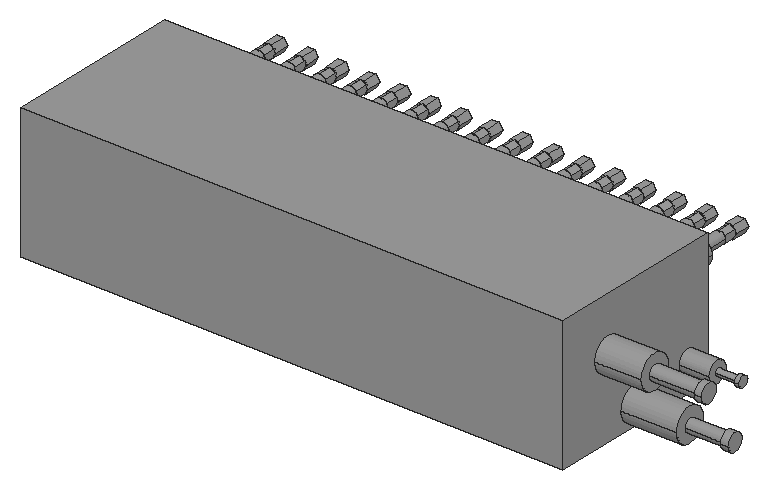
Revit family "BC_Hitachi_CH-BOX-CH-AP16MSSX_LOD200", category Equipement de génie climatique, Revit 2015
Parameters (values of type "CH-AP16MSSX")
  Refrigerant Liquid Pipe connections Diameter = 9.52 mm
  Refrigerant Gas Pipe connections Diameter = 15.88 mm
  Refrigerant Gas Low Pressure Diameter = 25.60 mm
  Refrigerant Liquid Diameter = 12.90 mm
  Rated Frequency (Hz) = "50"
  Product Code = "60292163"
  Overall Width = 1060.00 mm
  Overall Height = 260.00 mm
  Overall Depth = 352.00 mm
  Nominal Voltage = 230 V
  Modèle = "Multi CH-Box"
  Material Pipe = Par défaut
  Material Connector = Par défaut
  Material Box = Par défaut
  Mass = 47.00 kg
  Gas Diameter = 28.58 mm
  Fabricant = "Hitachi"
  Description = "Multi CH-Box 16 branches"
  Commentaires du type = "CH-AP16MSSX"
  CALC_Refrigerant Gas Right = 89.00 mm
  CALC_Refrigerant Gas Low Pressure Diameter = Refrigerant Gas Low Pressure Diameter + 15.00 mm / 2  # 33.10 mm
  CALC_Refrigerant Gas L Left = 250.00 mm
  CALC_Refrigerant Gas High_Low Pressure Diameter = Gas Diameter + 15.00 mm / 2  # 36.08 mm
  CALC_Refrigerant Gas HL Left = 200.00 mm
  CALC_Refrigerant Gas Diameter = Refrigerant Liquid Diameter + 15.00 mm / 2  # 20.40 mm
  CALC_BOX Width = 303.00 mm
Reference planes
  plane 1 "Centre (avant/arrière)": y = 0
  plane 2: z = 0
  plane 3 "Centre (gauche/droite)": x = 0
  plane 4: z = 260
  plane 5 "Back": y = 176
  plane 6 "Front": y = -176
  plane 7 "Left": x = -1060
  plane 8: z = 155
  plane 9: z = 60
  plane 10: y = 375
  plane 11: y = 262
  plane 12: x = 110
  plane 13: x = 198
  plane 14: y = -4
  plane 15: z = 42
  plane 16: z = 156
  plane 17: y = -68
  plane 18: z = 60
  plane 19: y = 126
  plane 20: x = 61.245
  plane 21: x = 175.543
Forms (mm)
  Extrusion 1, solid, material "Par défaut" <- "Material Box"
    sketch origin (0, 0, 0) x (1, 0, 0) y (0, 1, 0)
      loop
        line (0, 176) -> (-1060, 176) -> (-1060, -176) -> (0, -176) -> (0, 176)
    from 0 to 260
  Extrusion 2, solid, material "Par défaut" <- "Material Pipe"
    sketch origin (0, 0, 75) x (0, 1, 0) y (0, 0, 1)
      loop
        circle (-4, -33) r 32.5
    from 0 to 110
  Extrusion 3, solid, material "Par défaut" <- "Material Pipe"
    sketch origin (0, 46.823, 0) x (0, 1, 0) y (0, 0, 1)
      loop
        circle (-114.823, 156) r 32.5
    from 0 to 92.169
  Extrusion 4, solid, material "Par défaut" <- "Material Pipe"
    sketch origin (0, 146.283, 43.123) x (0, 1, 0) y (0, 0, 1)
      loop
        circle (-20.283, 16.877) r 20
    from 0 to 59.808
  Extrusion 5, solid, material "Par défaut" <- "Material Connector"
    sketch origin (151.5, 0, 0) x (0, -1, 0) y (0, 0, 1)
      loop
        circle (68, 156) r 14.29
    from -33.5 to 59.331
  Extrusion 6, solid, material "Par défaut" <- "Material Connector"
    sketch origin (151.5, 0, 0) x (0, -1, 0) y (0, 0, 1)
      loop
        circle (68, 156) r 18.04
    from -46.5 to -33.5
  Extrusion 7, solid, material "Par défaut" <- "Material Connector"
    sketch origin (151.5, 0, 0) x (0, -1, 0) y (0, 0, 1)
      loop
        circle (4, 42) r 12.8
    from -31.308 to 41.5
  Extrusion 8, solid, material "Par défaut" <- "Material Connector"
    sketch origin (151.5, 0, 0) x (0, -1, 0) y (0, 0, 1)
      loop
        circle (4, 42) r 16.55
    from -46.5 to -31.308
  Extrusion 9, solid, material "Par défaut" <- "Material Connector"
    sketch origin (151.5, 0, 0) x (0, -1, 0) y (0, 0, 1)
      loop
        circle (-126, 60) r 6.45
    from 49.363 to 91.692
  Extrusion 10, solid, material "Par défaut" <- "Material Connector"
    sketch origin (151.5, 0, 0) x (0, -1, 0) y (0, 0, 1)
      loop
        circle (-126, 60) r 10.2
    from 41.5 to 49.363
Dimensions and locks
  "Overall Height": plane 4 to plane 2
  "Overall Width": plane 3 "Centre (gauche/droite)" to plane 7 "Left"
  "Overall Width": plane 7 "Left" to plane 3 "Centre (gauche/droite)"
  "Overall Depth": plane 5 "Back" to plane 6 "Front"
  equal spacing: plane 5 "Back", plane 1 "Centre (avant/arrière)", plane 6 "Front"
  plane 10 to plane 5 "Back" = 199.00 mm
  plane 11 to plane 5 "Back" = 86.00 mm
  locked: plane 7 "Left" to nested 1 at 67
  locked: plane 3 "Centre (gauche/droite)" to plane 12 at 110
  locked: plane 3 "Centre (gauche/droite)" to plane 13 at 198
  plane 5 "Back" to plane 19 = 50.00 mm
  plane 17 to plane 5 "Back" = 244.00 mm
  plane 14 to plane 5 "Back" = 180.00 mm
  plane 19 to plane 5 "Back" = 50.00 mm
  plane 16 to plane 2 = 156.00 mm
  plane 15 to plane 2 = 42.00 mm
  plane 18 to level = 60.00 mm
  plane 2 to plane 9 = 60.00 mm
  plane 2 to plane 8 = 155.00 mm
  nested 1 to nested 2 to nested 3 to nested 4 = 60.00 mm locked, 60.00 mm locked, 60.00 mm locked
  nested 5 to nested 6 to nested 7 to nested 8 = 60.00 mm locked, 60.00 mm locked, 60.00 mm locked
  nested 9 to nested 10 to nested 11 to nested 12 = 60.00 mm locked, 60.00 mm locked, 60.00 mm locked
  nested 13 to nested 14 to nested 15 to nested 16 = 60.00 mm locked, 60.00 mm locked, 60.00 mm locked
  locked: nested 4 to nested 13 at 60
  locked: nested 4 to nested 9 at 60
  nested 17 to nested 18 to nested 19 to nested 20 = 60.00 mm locked, 60.00 mm locked, 60.00 mm locked
  nested 21 to nested 22 to nested 23 to nested 24 = 60.00 mm locked, 60.00 mm locked, 60.00 mm locked
  locked: nested 12 to nested 17 at 60
  locked: nested 16 to nested 21 at 60
  nested 25 to nested 26 to nested 27 to nested 28 = 60.00 mm locked, 60.00 mm locked, 60.00 mm locked
  nested 29 to nested 30 to nested 31 to nested 32 = 60.00 mm locked, 60.00 mm locked, 60.00 mm locked
  "Refrigerant Gas Low Pressure Diameter": diameter of Extrusion 7 sketch curve
  "CALC_Refrigerant Gas Low Pressure Diameter": diameter of Extrusion 8 sketch curve
  diameter of Extrusion 2 sketch curve = 65.00 mm
  "CALC_Refrigerant Gas High_Low Pressure Diameter": diameter of Extrusion 6 sketch curve
  "Gas Diameter": diameter of Extrusion 5 sketch curve
  diameter of Extrusion 3 sketch curve = 65.00 mm
  "CALC_Refrigerant Gas Diameter": diameter of Extrusion 10 sketch curve
  "Refrigerant Liquid Diameter": diameter of Extrusion 9 sketch curve
  aligned and locked: level to plane 2
  aligned and locked: plane 5 "Back" to Extrusion 1 sketch curve
  aligned and locked: plane 3 "Centre (gauche/droite)" to Extrusion 1 sketch curve
  aligned and locked: Extrusion 1 sketch curve to plane 6 "Front"
  aligned and locked: plane 7 "Left" to Extrusion 1 sketch curve
  aligned and locked: plane 4 to Extrusion 1
  aligned and locked: nested 5 to plane 9
  aligned and locked: nested 5 to nested 1
  aligned and locked: Extrusion 2 to plane 3 "Centre (gauche/droite)"
  aligned and locked: plane 15 to Extrusion 2 sketch curve
  aligned and locked: plane 14 to Extrusion 2 sketch curve
  aligned and locked: plane 16 to Extrusion 3 sketch curve
  aligned and locked: plane 17 to Extrusion 3 sketch curve
  aligned and locked: plane 19 to Extrusion 4 sketch curve
  aligned and locked: plane 18 to Extrusion 4 sketch curve
  aligned and locked: plane 5 "Back" to nested 1
  aligned and locked: plane 17 to Extrusion 5 sketch curve
  aligned and locked: plane 16 to Extrusion 5 sketch curve
  aligned and locked: plane 14 to Extrusion 8 sketch curve
  aligned and locked: plane 15 to Extrusion 8 sketch curve
  aligned and locked: plane 14 to Extrusion 7 sketch curve
  aligned and locked: plane 15 to Extrusion 7 sketch curve
  aligned and locked: plane 18 to Extrusion 9 sketch curve
  aligned and locked: plane 19 to Extrusion 9 sketch curve
  aligned and locked: plane 13 to Extrusion 8
  aligned and locked: plane 13 to Extrusion 6
  aligned and locked: nested 1 to plane 8
  aligned and locked: nested 2 to plane 8
  aligned and locked: nested 3 to plane 8
  aligned and locked: nested 4 to plane 8
  aligned and locked: nested 6 to plane 9
  aligned and locked: nested 7 to plane 9
  aligned and locked: nested 8 to plane 9
  aligned and locked: nested 13 to nested 9
  aligned and locked: nested 21 to nested 17
  aligned and locked: nested 29 to nested 25
Automatic sketch dimensions
  Extrusion 6 sketch curve to plane 16 = 0.00 mm
  Extrusion 6 sketch curve to plane 17 = 0.00 mm
  Extrusion 10 sketch curve to plane 9 = 0.00 mm
  Extrusion 10 sketch curve to plane 19 = 0.00 mm
  radius of Extrusion 4 sketch curve = 20.00 mm
Nested families
  nested 1: "PIPES" at (-993, 176, 155) x (0, 1, 0) z (0, 0, 1), type "PIPES"
    with CALC_Screw TOP 2 28.366 mm, CALC_Screw TOP 1 25.467 mm, CALC_Screw Diam TOP 2 12.00 mm, CALC_Screw Diam TOP 11.00 mm, CALC_Screw Diam 11.00 mm, CALC_PipeDiam2 24.00 mm, CALC_PipeDiam1 55.00 mm, CALC_Pipe L2 51.555 mm, CALC_Pipe L1 93.613 mm
  nested 2: "PIPES" at (-933, 176, 155) x (0, 1, 0) z (0, 0, 1), type "PIPES"
    with CALC_Screw TOP 2 28.366 mm, CALC_Screw TOP 1 25.467 mm, CALC_Screw Diam TOP 2 12.00 mm, CALC_Screw Diam TOP 11.00 mm, CALC_Screw Diam 11.00 mm, CALC_PipeDiam2 24.00 mm, CALC_PipeDiam1 55.00 mm, CALC_Pipe L2 51.555 mm, CALC_Pipe L1 93.613 mm
  nested 3: "PIPES" at (-873, 176, 155) x (0, 1, 0) z (0, 0, 1), type "PIPES"
    with CALC_Screw TOP 2 28.366 mm, CALC_Screw TOP 1 25.467 mm, CALC_Screw Diam TOP 2 12.00 mm, CALC_Screw Diam TOP 11.00 mm, CALC_Screw Diam 11.00 mm, CALC_PipeDiam2 24.00 mm, CALC_PipeDiam1 55.00 mm, CALC_Pipe L2 51.555 mm, CALC_Pipe L1 93.613 mm
  nested 4: "PIPES" at (-813, 176, 155) x (0, 1, 0) z (0, 0, 1), type "PIPES"
    with CALC_Screw TOP 2 28.366 mm, CALC_Screw TOP 1 25.467 mm, CALC_Screw Diam TOP 2 12.00 mm, CALC_Screw Diam TOP 11.00 mm, CALC_Screw Diam 11.00 mm, CALC_PipeDiam2 24.00 mm, CALC_PipeDiam1 55.00 mm, CALC_Pipe L2 51.555 mm, CALC_Pipe L1 93.613 mm
  nested 5: "PIPES" at (-993, 176, 60) x (0, 1, 0) z (0, 0, 1), type "PIPES"
    with CALC_Screw TOP 2 15.179 mm, CALC_Screw TOP 1 12.708 mm, CALC_Screw Diam TOP 2 8.50 mm, CALC_Screw Diam TOP 0.00 mm, CALC_Screw Diam 8.00 mm, CALC_PipeDiam2 16.50 mm, CALC_PipeDiam1 17.00 mm, CALC_Pipe L2 1.975 mm, CALC_Pipe L1 56.139 mm
  nested 6: "PIPES" at (-933, 176, 60) x (0, 1, 0) z (0, 0, 1), type "PIPES"
    with CALC_Screw TOP 2 15.179 mm, CALC_Screw TOP 1 12.708 mm, CALC_Screw Diam TOP 2 8.50 mm, CALC_Screw Diam TOP 0.00 mm, CALC_Screw Diam 8.00 mm, CALC_PipeDiam2 16.50 mm, CALC_PipeDiam1 17.00 mm, CALC_Pipe L2 1.975 mm, CALC_Pipe L1 56.139 mm
  nested 7: "PIPES" at (-873, 176, 60) x (0, 1, 0) z (0, 0, 1), type "PIPES"
    with CALC_Screw TOP 2 15.179 mm, CALC_Screw TOP 1 12.708 mm, CALC_Screw Diam TOP 2 8.50 mm, CALC_Screw Diam TOP 0.00 mm, CALC_Screw Diam 8.00 mm, CALC_PipeDiam2 16.50 mm, CALC_PipeDiam1 17.00 mm, CALC_Pipe L2 1.975 mm, CALC_Pipe L1 56.139 mm
  nested 8: "PIPES" at (-813, 176, 60) x (0, 1, 0) z (0, 0, 1), type "PIPES"
    with CALC_Screw TOP 2 15.179 mm, CALC_Screw TOP 1 12.708 mm, CALC_Screw Diam TOP 2 8.50 mm, CALC_Screw Diam TOP 0.00 mm, CALC_Screw Diam 8.00 mm, CALC_PipeDiam2 16.50 mm, CALC_PipeDiam1 17.00 mm, CALC_Pipe L2 1.975 mm, CALC_Pipe L1 56.139 mm
  nested 9: "PIPES" at (-753, 176, 155) x (0, 1, 0) z (0, 0, 1), type "PIPES"
    with CALC_Screw TOP 2 28.366 mm, CALC_Screw TOP 1 25.467 mm, CALC_Screw Diam TOP 2 12.00 mm, CALC_Screw Diam TOP 11.00 mm, CALC_Screw Diam 11.00 mm, CALC_PipeDiam2 24.00 mm, CALC_PipeDiam1 55.00 mm, CALC_Pipe L2 51.555 mm, CALC_Pipe L1 93.613 mm
  nested 10: "PIPES" at (-693, 176, 155) x (0, 1, 0) z (0, 0, 1), type "PIPES"
    with CALC_Screw TOP 2 28.366 mm, CALC_Screw TOP 1 25.467 mm, CALC_Screw Diam TOP 2 12.00 mm, CALC_Screw Diam TOP 11.00 mm, CALC_Screw Diam 11.00 mm, CALC_PipeDiam2 24.00 mm, CALC_PipeDiam1 55.00 mm, CALC_Pipe L2 51.555 mm, CALC_Pipe L1 93.613 mm
  nested 11: "PIPES" at (-633, 176, 155) x (0, 1, 0) z (0, 0, 1), type "PIPES"
    with CALC_Screw TOP 2 28.366 mm, CALC_Screw TOP 1 25.467 mm, CALC_Screw Diam TOP 2 12.00 mm, CALC_Screw Diam TOP 11.00 mm, CALC_Screw Diam 11.00 mm, CALC_PipeDiam2 24.00 mm, CALC_PipeDiam1 55.00 mm, CALC_Pipe L2 51.555 mm, CALC_Pipe L1 93.613 mm
  nested 12: "PIPES" at (-573, 176, 155) x (0, 1, 0) z (0, 0, 1), type "PIPES"
    with CALC_Screw TOP 2 28.366 mm, CALC_Screw TOP 1 25.467 mm, CALC_Screw Diam TOP 2 12.00 mm, CALC_Screw Diam TOP 11.00 mm, CALC_Screw Diam 11.00 mm, CALC_PipeDiam2 24.00 mm, CALC_PipeDiam1 55.00 mm, CALC_Pipe L2 51.555 mm, CALC_Pipe L1 93.613 mm
  nested 13: "PIPES" at (-753, 176, 60) x (0, 1, 0) z (0, 0, 1), type "PIPES"
    with CALC_Screw TOP 2 15.179 mm, CALC_Screw TOP 1 12.708 mm, CALC_Screw Diam TOP 2 8.50 mm, CALC_Screw Diam TOP 0.00 mm, CALC_Screw Diam 8.00 mm, CALC_PipeDiam2 16.50 mm, CALC_PipeDiam1 17.00 mm, CALC_Pipe L2 1.975 mm, CALC_Pipe L1 56.139 mm
  nested 14: "PIPES" at (-693, 176, 60) x (0, 1, 0) z (0, 0, 1), type "PIPES"
    with CALC_Screw TOP 2 15.179 mm, CALC_Screw TOP 1 12.708 mm, CALC_Screw Diam TOP 2 8.50 mm, CALC_Screw Diam TOP 0.00 mm, CALC_Screw Diam 8.00 mm, CALC_PipeDiam2 16.50 mm, CALC_PipeDiam1 17.00 mm, CALC_Pipe L2 1.975 mm, CALC_Pipe L1 56.139 mm
  nested 15: "PIPES" at (-633, 176, 60) x (0, 1, 0) z (0, 0, 1), type "PIPES"
    with CALC_Screw TOP 2 15.179 mm, CALC_Screw TOP 1 12.708 mm, CALC_Screw Diam TOP 2 8.50 mm, CALC_Screw Diam TOP 0.00 mm, CALC_Screw Diam 8.00 mm, CALC_PipeDiam2 16.50 mm, CALC_PipeDiam1 17.00 mm, CALC_Pipe L2 1.975 mm, CALC_Pipe L1 56.139 mm
  nested 16: "PIPES" at (-573, 176, 60) x (0, 1, 0) z (0, 0, 1), type "PIPES"
    with CALC_Screw TOP 2 15.179 mm, CALC_Screw TOP 1 12.708 mm, CALC_Screw Diam TOP 2 8.50 mm, CALC_Screw Diam TOP 0.00 mm, CALC_Screw Diam 8.00 mm, CALC_PipeDiam2 16.50 mm, CALC_PipeDiam1 17.00 mm, CALC_Pipe L2 1.975 mm, CALC_Pipe L1 56.139 mm
  nested 17: "PIPES" at (-513, 176, 155) x (0, 1, 0) z (0, 0, 1), type "PIPES"
    with CALC_Screw TOP 2 28.366 mm, CALC_Screw TOP 1 25.467 mm, CALC_Screw Diam TOP 2 12.00 mm, CALC_Screw Diam TOP 11.00 mm, CALC_Screw Diam 11.00 mm, CALC_PipeDiam2 24.00 mm, CALC_PipeDiam1 55.00 mm, CALC_Pipe L2 51.555 mm, CALC_Pipe L1 93.613 mm
  nested 18: "PIPES" at (-453, 176, 155) x (0, 1, 0) z (0, 0, 1), type "PIPES"
    with CALC_Screw TOP 2 28.366 mm, CALC_Screw TOP 1 25.467 mm, CALC_Screw Diam TOP 2 12.00 mm, CALC_Screw Diam TOP 11.00 mm, CALC_Screw Diam 11.00 mm, CALC_PipeDiam2 24.00 mm, CALC_PipeDiam1 55.00 mm, CALC_Pipe L2 51.555 mm, CALC_Pipe L1 93.613 mm
  nested 19: "PIPES" at (-393, 176, 155) x (0, 1, 0) z (0, 0, 1), type "PIPES"
    with CALC_Screw TOP 2 28.366 mm, CALC_Screw TOP 1 25.467 mm, CALC_Screw Diam TOP 2 12.00 mm, CALC_Screw Diam TOP 11.00 mm, CALC_Screw Diam 11.00 mm, CALC_PipeDiam2 24.00 mm, CALC_PipeDiam1 55.00 mm, CALC_Pipe L2 51.555 mm, CALC_Pipe L1 93.613 mm
  nested 20: "PIPES" at (-333, 176, 155) x (0, 1, 0) z (0, 0, 1), type "PIPES"
    with CALC_Screw TOP 2 28.366 mm, CALC_Screw TOP 1 25.467 mm, CALC_Screw Diam TOP 2 12.00 mm, CALC_Screw Diam TOP 11.00 mm, CALC_Screw Diam 11.00 mm, CALC_PipeDiam2 24.00 mm, CALC_PipeDiam1 55.00 mm, CALC_Pipe L2 51.555 mm, CALC_Pipe L1 93.613 mm
  nested 21: "PIPES" at (-513, 176, 60) x (0, 1, 0) z (0, 0, 1), type "PIPES"
    with CALC_Screw TOP 2 15.179 mm, CALC_Screw TOP 1 12.708 mm, CALC_Screw Diam TOP 2 8.50 mm, CALC_Screw Diam TOP 0.00 mm, CALC_Screw Diam 8.00 mm, CALC_PipeDiam2 16.50 mm, CALC_PipeDiam1 17.00 mm, CALC_Pipe L2 1.975 mm, CALC_Pipe L1 56.139 mm
  nested 22: "PIPES" at (-453, 176, 60) x (0, 1, 0) z (0, 0, 1), type "PIPES"
    with CALC_Screw TOP 2 15.179 mm, CALC_Screw TOP 1 12.708 mm, CALC_Screw Diam TOP 2 8.50 mm, CALC_Screw Diam TOP 0.00 mm, CALC_Screw Diam 8.00 mm, CALC_PipeDiam2 16.50 mm, CALC_PipeDiam1 17.00 mm, CALC_Pipe L2 1.975 mm, CALC_Pipe L1 56.139 mm
  nested 23: "PIPES" at (-393, 176, 60) x (0, 1, 0) z (0, 0, 1), type "PIPES"
    with CALC_Screw TOP 2 15.179 mm, CALC_Screw TOP 1 12.708 mm, CALC_Screw Diam TOP 2 8.50 mm, CALC_Screw Diam TOP 0.00 mm, CALC_Screw Diam 8.00 mm, CALC_PipeDiam2 16.50 mm, CALC_PipeDiam1 17.00 mm, CALC_Pipe L2 1.975 mm, CALC_Pipe L1 56.139 mm
  nested 24: "PIPES" at (-333, 176, 60) x (0, 1, 0) z (0, 0, 1), type "PIPES"
    with CALC_Screw TOP 2 15.179 mm, CALC_Screw TOP 1 12.708 mm, CALC_Screw Diam TOP 2 8.50 mm, CALC_Screw Diam TOP 0.00 mm, CALC_Screw Diam 8.00 mm, CALC_PipeDiam2 16.50 mm, CALC_PipeDiam1 17.00 mm, CALC_Pipe L2 1.975 mm, CALC_Pipe L1 56.139 mm
  nested 25: "PIPES" at (-273, 176, 155) x (0, 1, 0) z (0, 0, 1), type "PIPES"
    with CALC_Screw TOP 2 28.366 mm, CALC_Screw TOP 1 25.467 mm, CALC_Screw Diam TOP 2 12.00 mm, CALC_Screw Diam TOP 11.00 mm, CALC_Screw Diam 11.00 mm, CALC_PipeDiam2 24.00 mm, CALC_PipeDiam1 55.00 mm, CALC_Pipe L2 51.555 mm, CALC_Pipe L1 93.613 mm
  nested 26: "PIPES" at (-213, 176, 155) x (0, 1, 0) z (0, 0, 1), type "PIPES"
    with CALC_Screw TOP 2 28.366 mm, CALC_Screw TOP 1 25.467 mm, CALC_Screw Diam TOP 2 12.00 mm, CALC_Screw Diam TOP 11.00 mm, CALC_Screw Diam 11.00 mm, CALC_PipeDiam2 24.00 mm, CALC_PipeDiam1 55.00 mm, CALC_Pipe L2 51.555 mm, CALC_Pipe L1 93.613 mm
  nested 27: "PIPES" at (-153, 176, 155) x (0, 1, 0) z (0, 0, 1), type "PIPES"
    with CALC_Screw TOP 2 28.366 mm, CALC_Screw TOP 1 25.467 mm, CALC_Screw Diam TOP 2 12.00 mm, CALC_Screw Diam TOP 11.00 mm, CALC_Screw Diam 11.00 mm, CALC_PipeDiam2 24.00 mm, CALC_PipeDiam1 55.00 mm, CALC_Pipe L2 51.555 mm, CALC_Pipe L1 93.613 mm
  nested 28: "PIPES" at (-93, 176, 155) x (0, 1, 0) z (0, 0, 1), type "PIPES"
    with CALC_Screw TOP 2 28.366 mm, CALC_Screw TOP 1 25.467 mm, CALC_Screw Diam TOP 2 12.00 mm, CALC_Screw Diam TOP 11.00 mm, CALC_Screw Diam 11.00 mm, CALC_PipeDiam2 24.00 mm, CALC_PipeDiam1 55.00 mm, CALC_Pipe L2 51.555 mm, CALC_Pipe L1 93.613 mm
  nested 29: "PIPES" at (-273, 176, 60) x (0, 1, 0) z (0, 0, 1), type "PIPES"
    with CALC_Screw TOP 2 15.179 mm, CALC_Screw TOP 1 12.708 mm, CALC_Screw Diam TOP 2 8.50 mm, CALC_Screw Diam TOP 0.00 mm, CALC_Screw Diam 8.00 mm, CALC_PipeDiam2 16.50 mm, CALC_PipeDiam1 17.00 mm, CALC_Pipe L2 1.975 mm, CALC_Pipe L1 56.139 mm
  nested 30: "PIPES" at (-213, 176, 60) x (0, 1, 0) z (0, 0, 1), type "PIPES"
    with CALC_Screw TOP 2 15.179 mm, CALC_Screw TOP 1 12.708 mm, CALC_Screw Diam TOP 2 8.50 mm, CALC_Screw Diam TOP 0.00 mm, CALC_Screw Diam 8.00 mm, CALC_PipeDiam2 16.50 mm, CALC_PipeDiam1 17.00 mm, CALC_Pipe L2 1.975 mm, CALC_Pipe L1 56.139 mm
  nested 31: "PIPES" at (-153, 176, 60) x (0, 1, 0) z (0, 0, 1), type "PIPES"
    with CALC_Screw TOP 2 15.179 mm, CALC_Screw TOP 1 12.708 mm, CALC_Screw Diam TOP 2 8.50 mm, CALC_Screw Diam TOP 0.00 mm, CALC_Screw Diam 8.00 mm, CALC_PipeDiam2 16.50 mm, CALC_PipeDiam1 17.00 mm, CALC_Pipe L2 1.975 mm, CALC_Pipe L1 56.139 mm
  nested 32: "PIPES" at (-93, 176, 60) x (0, 1, 0) z (0, 0, 1), type "PIPES"
    with CALC_Screw TOP 2 15.179 mm, CALC_Screw TOP 1 12.708 mm, CALC_Screw Diam TOP 2 8.50 mm, CALC_Screw Diam TOP 0.00 mm, CALC_Screw Diam 8.00 mm, CALC_PipeDiam2 16.50 mm, CALC_PipeDiam1 17.00 mm, CALC_Pipe L2 1.975 mm, CALC_Pipe L1 56.139 mm
Connectors
  piping at (198, -68, 156), diameter 28.58, driven by "Gas Diameter"
    settings: on Extrusion 6, index 1, connector inside diameter 609.6 mm, connector length 0.00 mm, flow factor 0, pipe flow 0.0 L/s, pressure drop 0.0 Pa, fitting loss kfactor 0, connector angle 0.00°, fixture units 0, engagement length 0.00 mm, angle of deflection 0.00°, flow configuration 0, flow direction 0, fitting loss method 0, system type 22, joint type 0, gender type 0, connector reference index -1, connector utility 0, adjustable connector no, is connector primary yes, connector description "Refrigerant gas High/Low Pressure"
  piping at (198, -4, 42), diameter 25.6, driven by "Refrigerant Gas Low Pressure Diameter"
    settings: on Extrusion 8, index 2, connector inside diameter 609.6 mm, connector length 0.00 mm, flow factor 0, pipe flow 0.0 L/s, pressure drop 0.0 Pa, fitting loss kfactor 0, connector angle 0.00°, fixture units 0, engagement length 0.00 mm, angle of deflection 0.00°, flow configuration 0, flow direction 0, fitting loss method 0, system type 22, joint type 0, gender type 0, connector reference index -1, connector utility 0, adjustable connector no, is connector primary no, connector description "Refrigerant gas Low Pressure"
  piping at (110, 126, 60), diameter 12.9, driven by "Refrigerant Liquid Diameter"
    settings: on Extrusion 10, index 3, connector inside diameter 609.6 mm, connector length 0.00 mm, flow factor 0, pipe flow 0.0 L/s, pressure drop 0.0 Pa, fitting loss kfactor 0, connector angle 0.00°, fixture units 0, engagement length 0.00 mm, angle of deflection 0.00°, flow configuration 0, flow direction 0, fitting loss method 0, system type 22, joint type 0, gender type 0, connector reference index -1, connector utility 0, adjustable connector no, is connector primary no, connector description "Refrigerant Liquid"
  piping at (-813, 375, 155), diameter 15.88, driven by "Refrigerant Gas Pipe connections Diameter"
    settings: on nested 4, index 4, connector inside diameter 609.6 mm, connector length 0.00 mm, flow factor 0, pipe flow 0.0 L/s, pressure drop 0.0 Pa, fitting loss kfactor 0, connector angle 0.00°, fixture units 0, engagement length 0.00 mm, angle of deflection 0.00°, flow configuration 0, flow direction 0, fitting loss method 0, system type 22, joint type 0, gender type 0, connector reference index -1, connector utility 0, adjustable connector no, is connector primary no, connector description "Refrigerant Gas Pipe D"
  piping at (-873, 375, 155), diameter 15.88, driven by "Refrigerant Gas Pipe connections Diameter"
    settings: on nested 3, index 5, connector inside diameter 609.6 mm, connector length 0.00 mm, flow factor 0, pipe flow 0.0 L/s, pressure drop 0.0 Pa, fitting loss kfactor 0, connector angle 0.00°, fixture units 0, engagement length 0.00 mm, angle of deflection 0.00°, flow configuration 0, flow direction 0, fitting loss method 0, system type 22, joint type 0, gender type 0, connector reference index -1, connector utility 0, adjustable connector no, is connector primary no, connector description "Refrigerant Gas Pipe C"
  piping at (-933, 375, 155), diameter 15.88, driven by "Refrigerant Gas Pipe connections Diameter"
    settings: on nested 2, index 6, connector inside diameter 609.6 mm, connector length 0.00 mm, flow factor 0, pipe flow 0.0 L/s, pressure drop 0.0 Pa, fitting loss kfactor 0, connector angle 0.00°, fixture units 0, engagement length 0.00 mm, angle of deflection 0.00°, flow configuration 0, flow direction 0, fitting loss method 0, system type 22, joint type 0, gender type 0, connector reference index -1, connector utility 0, adjustable connector no, is connector primary no, connector description "Refrigerant Gas Pipe B"
  piping at (-993, 375, 155), diameter 15.88, driven by "Refrigerant Gas Pipe connections Diameter"
    settings: on nested 1, index 7, connector inside diameter 609.6 mm, connector length 0.00 mm, flow factor 0, pipe flow 0.0 L/s, pressure drop 0.0 Pa, fitting loss kfactor 0, connector angle 0.00°, fixture units 0, engagement length 0.00 mm, angle of deflection 0.00°, flow configuration 0, flow direction 0, fitting loss method 0, system type 22, joint type 0, gender type 0, connector reference index -1, connector utility 0, adjustable connector no, is connector primary no, connector description "Refrigerant Gas Pipe A"
  piping at (-993, 262, 60), diameter 9.52, driven by "Refrigerant Liquid Pipe connections Diameter"
    settings: on nested 5, index 8, connector inside diameter 609.6 mm, connector length 0.00 mm, flow factor 0, pipe flow 0.0 L/s, pressure drop 0.0 Pa, fitting loss kfactor 0, connector angle 0.00°, fixture units 0, engagement length 0.00 mm, angle of deflection 0.00°, flow configuration 0, flow direction 0, fitting loss method 0, system type 22, joint type 0, gender type 0, connector reference index -1, connector utility 0, adjustable connector no, is connector primary no, connector description "Refrigerant Liquid Pipe A"
  piping at (-933, 262, 60), diameter 9.52, driven by "Refrigerant Liquid Pipe connections Diameter"
    settings: on nested 6, index 9, connector inside diameter 609.6 mm, connector length 0.00 mm, flow factor 0, pipe flow 0.0 L/s, pressure drop 0.0 Pa, fitting loss kfactor 0, connector angle 0.00°, fixture units 0, engagement length 0.00 mm, angle of deflection 0.00°, flow configuration 0, flow direction 0, fitting loss method 0, system type 22, joint type 0, gender type 0, connector reference index -1, connector utility 0, adjustable connector no, is connector primary no, connector description "Refrigerant Liquid Pipe B"
  piping at (-873, 262, 60), diameter 9.52, driven by "Refrigerant Liquid Pipe connections Diameter"
    settings: on nested 7, index 10, connector inside diameter 609.6 mm, connector length 0.00 mm, flow factor 0, pipe flow 0.0 L/s, pressure drop 0.0 Pa, fitting loss kfactor 0, connector angle 0.00°, fixture units 0, engagement length 0.00 mm, angle of deflection 0.00°, flow configuration 0, flow direction 0, fitting loss method 0, system type 22, joint type 0, gender type 0, connector reference index -1, connector utility 0, adjustable connector no, is connector primary no, connector description "Refrigerant Liquid Pipe C"
  piping at (-813, 262, 60), diameter 9.52, driven by "Refrigerant Liquid Pipe connections Diameter"
    settings: on nested 8, index 11, connector inside diameter 609.6 mm, connector length 0.00 mm, flow factor 0, pipe flow 0.0 L/s, pressure drop 0.0 Pa, fitting loss kfactor 0, connector angle 0.00°, fixture units 0, engagement length 0.00 mm, angle of deflection 0.00°, flow configuration 0, flow direction 0, fitting loss method 0, system type 22, joint type 0, gender type 0, connector reference index -1, connector utility 0, adjustable connector no, is connector primary no, connector description "Refrigerant Liquid Pipe D"
  piping at (-573, 375, 155), diameter 15.88, driven by "Refrigerant Gas Pipe connections Diameter"
    settings: on nested 12, index 12, connector inside diameter 609.6 mm, connector length 0.00 mm, flow factor 0, pipe flow 0.0 L/s, pressure drop 0.0 Pa, fitting loss kfactor 0, connector angle 0.00°, fixture units 0, engagement length 0.00 mm, angle of deflection 0.00°, flow configuration 0, flow direction 0, fitting loss method 0, system type 22, joint type 0, gender type 0, connector reference index -1, connector utility 0, adjustable connector no, is connector primary no, connector description "Refrigerant Gas Pipe H"
  piping at (-633, 375, 155), diameter 15.88, driven by "Refrigerant Gas Pipe connections Diameter"
    settings: on nested 11, index 13, connector inside diameter 609.6 mm, connector length 0.00 mm, flow factor 0, pipe flow 0.0 L/s, pressure drop 0.0 Pa, fitting loss kfactor 0, connector angle 0.00°, fixture units 0, engagement length 0.00 mm, angle of deflection 0.00°, flow configuration 0, flow direction 0, fitting loss method 0, system type 22, joint type 0, gender type 0, connector reference index -1, connector utility 0, adjustable connector no, is connector primary no, connector description "Refrigerant Gas Pipe G"
  piping at (-693, 375, 155), diameter 15.88, driven by "Refrigerant Gas Pipe connections Diameter"
    settings: on nested 10, index 14, connector inside diameter 609.6 mm, connector length 0.00 mm, flow factor 0, pipe flow 0.0 L/s, pressure drop 0.0 Pa, fitting loss kfactor 0, connector angle 0.00°, fixture units 0, engagement length 0.00 mm, angle of deflection 0.00°, flow configuration 0, flow direction 0, fitting loss method 0, system type 22, joint type 0, gender type 0, connector reference index -1, connector utility 0, adjustable connector no, is connector primary no, connector description "Refrigerant Gas Pipe F"
  piping at (-753, 375, 155), diameter 15.88, driven by "Refrigerant Gas Pipe connections Diameter"
    settings: on nested 9, index 15, connector inside diameter 609.6 mm, connector length 0.00 mm, flow factor 0, pipe flow 0.0 L/s, pressure drop 0.0 Pa, fitting loss kfactor 0, connector angle 0.00°, fixture units 0, engagement length 0.00 mm, angle of deflection 0.00°, flow configuration 0, flow direction 0, fitting loss method 0, system type 22, joint type 0, gender type 0, connector reference index -1, connector utility 0, adjustable connector no, is connector primary no, connector description "Refrigerant Gas Pipe E"
  piping at (-753, 262, 60), diameter 9.52, driven by "Refrigerant Liquid Pipe connections Diameter"
    settings: on nested 13, index 16, connector inside diameter 609.6 mm, connector length 0.00 mm, flow factor 0, pipe flow 0.0 L/s, pressure drop 0.0 Pa, fitting loss kfactor 0, connector angle 0.00°, fixture units 0, engagement length 0.00 mm, angle of deflection 0.00°, flow configuration 0, flow direction 0, fitting loss method 0, system type 22, joint type 0, gender type 0, connector reference index -1, connector utility 0, adjustable connector no, is connector primary no, connector description "Refrigerant Liquid Pipe E"
  piping at (-693, 262, 60), diameter 9.52, driven by "Refrigerant Liquid Pipe connections Diameter"
    settings: on nested 14, index 17, connector inside diameter 609.6 mm, connector length 0.00 mm, flow factor 0, pipe flow 0.0 L/s, pressure drop 0.0 Pa, fitting loss kfactor 0, connector angle 0.00°, fixture units 0, engagement length 0.00 mm, angle of deflection 0.00°, flow configuration 0, flow direction 0, fitting loss method 0, system type 22, joint type 0, gender type 0, connector reference index -1, connector utility 0, adjustable connector no, is connector primary no, connector description "Refrigerant Liquid Pipe F"
  piping at (-633, 262, 60), diameter 9.52, driven by "Refrigerant Liquid Pipe connections Diameter"
    settings: on nested 15, index 18, connector inside diameter 609.6 mm, connector length 0.00 mm, flow factor 0, pipe flow 0.0 L/s, pressure drop 0.0 Pa, fitting loss kfactor 0, connector angle 0.00°, fixture units 0, engagement length 0.00 mm, angle of deflection 0.00°, flow configuration 0, flow direction 0, fitting loss method 0, system type 22, joint type 0, gender type 0, connector reference index -1, connector utility 0, adjustable connector no, is connector primary no, connector description "Refrigerant Liquid Pipe G"
  piping at (-573, 262, 60), diameter 9.52, driven by "Refrigerant Liquid Pipe connections Diameter"
    settings: on nested 16, index 19, connector inside diameter 609.6 mm, connector length 0.00 mm, flow factor 0, pipe flow 0.0 L/s, pressure drop 0.0 Pa, fitting loss kfactor 0, connector angle 0.00°, fixture units 0, engagement length 0.00 mm, angle of deflection 0.00°, flow configuration 0, flow direction 0, fitting loss method 0, system type 22, joint type 0, gender type 0, connector reference index -1, connector utility 0, adjustable connector no, is connector primary no, connector description "Refrigerant Liquid Pipe H"
  piping at (-453, 375, 155), diameter 15.88, driven by "Refrigerant Gas Pipe connections Diameter"
    settings: on nested 18, index 20, connector inside diameter 609.6 mm, connector length 0.00 mm, flow factor 0, pipe flow 0.0 L/s, pressure drop 0.0 Pa, fitting loss kfactor 0, connector angle 0.00°, fixture units 0, engagement length 0.00 mm, angle of deflection 0.00°, flow configuration 0, flow direction 0, fitting loss method 0, system type 22, joint type 0, gender type 0, connector reference index -1, connector utility 0, adjustable connector no, is connector primary no, connector description "Refrigerant Gas Pipe J"
  piping at (-513, 375, 155), diameter 15.88, driven by "Refrigerant Gas Pipe connections Diameter"
    settings: on nested 17, index 21, connector inside diameter 609.6 mm, connector length 0.00 mm, flow factor 0, pipe flow 0.0 L/s, pressure drop 0.0 Pa, fitting loss kfactor 0, connector angle 0.00°, fixture units 0, engagement length 0.00 mm, angle of deflection 0.00°, flow configuration 0, flow direction 0, fitting loss method 0, system type 22, joint type 0, gender type 0, connector reference index -1, connector utility 0, adjustable connector no, is connector primary no, connector description "Refrigerant Gas Pipe I"
  piping at (-513, 262, 60), diameter 9.52, driven by "Refrigerant Liquid Pipe connections Diameter"
    settings: on nested 21, index 22, connector inside diameter 609.6 mm, connector length 0.00 mm, flow factor 0, pipe flow 0.0 L/s, pressure drop 0.0 Pa, fitting loss kfactor 0, connector angle 0.00°, fixture units 0, engagement length 0.00 mm, angle of deflection 0.00°, flow configuration 0, flow direction 0, fitting loss method 0, system type 22, joint type 0, gender type 0, connector reference index -1, connector utility 0, adjustable connector no, is connector primary no, connector description "Refrigerant Liquid Pipe I"
  piping at (-453, 262, 60), diameter 9.52, driven by "Refrigerant Liquid Pipe connections Diameter"
    settings: on nested 22, index 23, connector inside diameter 609.6 mm, connector length 0.00 mm, flow factor 0, pipe flow 0.0 L/s, pressure drop 0.0 Pa, fitting loss kfactor 0, connector angle 0.00°, fixture units 0, engagement length 0.00 mm, angle of deflection 0.00°, flow configuration 0, flow direction 0, fitting loss method 0, system type 22, joint type 0, gender type 0, connector reference index -1, connector utility 0, adjustable connector no, is connector primary no, connector description "Refrigerant Liquid Pipe J"
  piping at (-333, 375, 155), diameter 15.88, driven by "Refrigerant Gas Pipe connections Diameter"
    settings: on nested 20, index 24, connector inside diameter 609.6 mm, connector length 0.00 mm, flow factor 0, pipe flow 0.0 L/s, pressure drop 0.0 Pa, fitting loss kfactor 0, connector angle 0.00°, fixture units 0, engagement length 0.00 mm, angle of deflection 0.00°, flow configuration 0, flow direction 0, fitting loss method 0, system type 22, joint type 0, gender type 0, connector reference index -1, connector utility 0, adjustable connector no, is connector primary no, connector description "Refrigerant Gas Pipe L"
  piping at (-333, 262, 60), diameter 9.52, driven by "Refrigerant Liquid Pipe connections Diameter"
    settings: on nested 24, index 25, connector inside diameter 609.6 mm, connector length 0.00 mm, flow factor 0, pipe flow 0.0 L/s, pressure drop 0.0 Pa, fitting loss kfactor 0, connector angle 0.00°, fixture units 0, engagement length 0.00 mm, angle of deflection 0.00°, flow configuration 0, flow direction 0, fitting loss method 0, system type 22, joint type 0, gender type 0, connector reference index -1, connector utility 0, adjustable connector no, is connector primary no, connector description "Refrigerant Liquid Pipe L"
  piping at (-393, 375, 155), diameter 15.88, driven by "Refrigerant Gas Pipe connections Diameter"
    settings: on nested 19, index 26, connector inside diameter 609.6 mm, connector length 0.00 mm, flow factor 0, pipe flow 0.0 L/s, pressure drop 0.0 Pa, fitting loss kfactor 0, connector angle 0.00°, fixture units 0, engagement length 0.00 mm, angle of deflection 0.00°, flow configuration 0, flow direction 0, fitting loss method 0, system type 22, joint type 0, gender type 0, connector reference index -1, connector utility 0, adjustable connector no, is connector primary no, connector description "Refrigerant Gas Pipe K"
  piping at (-393, 262, 60), diameter 9.52, driven by "Refrigerant Liquid Pipe connections Diameter"
    settings: on nested 23, index 27, connector inside diameter 609.6 mm, connector length 0.00 mm, flow factor 0, pipe flow 0.0 L/s, pressure drop 0.0 Pa, fitting loss kfactor 0, connector angle 0.00°, fixture units 0, engagement length 0.00 mm, angle of deflection 0.00°, flow configuration 0, flow direction 0, fitting loss method 0, system type 22, joint type 0, gender type 0, connector reference index -1, connector utility 0, adjustable connector no, is connector primary no, connector description "Refrigerant Liquid Pipe K"
  piping at (-213, 375, 155), diameter 15.88, driven by "Refrigerant Gas Pipe connections Diameter"
    settings: on nested 26, index 28, connector inside diameter 609.6 mm, connector length 0.00 mm, flow factor 0, pipe flow 0.0 L/s, pressure drop 0.0 Pa, fitting loss kfactor 0, connector angle 0.00°, fixture units 0, engagement length 0.00 mm, angle of deflection 0.00°, flow configuration 0, flow direction 0, fitting loss method 0, system type 22, joint type 0, gender type 0, connector reference index -1, connector utility 0, adjustable connector no, is connector primary no, connector description "Refrigerant Gas Pipe N"
  piping at (-273, 375, 155), diameter 15.88, driven by "Refrigerant Gas Pipe connections Diameter"
    settings: on nested 25, index 29, connector inside diameter 609.6 mm, connector length 0.00 mm, flow factor 0, pipe flow 0.0 L/s, pressure drop 0.0 Pa, fitting loss kfactor 0, connector angle 0.00°, fixture units 0, engagement length 0.00 mm, angle of deflection 0.00°, flow configuration 0, flow direction 0, fitting loss method 0, system type 22, joint type 0, gender type 0, connector reference index -1, connector utility 0, adjustable connector no, is connector primary no, connector description "Refrigerant Gas Pipe M"
  piping at (-273, 262, 60), diameter 9.52, driven by "Refrigerant Liquid Pipe connections Diameter"
    settings: on nested 29, index 30, connector inside diameter 609.6 mm, connector length 0.00 mm, flow factor 0, pipe flow 0.0 L/s, pressure drop 0.0 Pa, fitting loss kfactor 0, connector angle 0.00°, fixture units 0, engagement length 0.00 mm, angle of deflection 0.00°, flow configuration 0, flow direction 0, fitting loss method 0, system type 22, joint type 0, gender type 0, connector reference index -1, connector utility 0, adjustable connector no, is connector primary no, connector description "Refrigerant Liquid Pipe M"
  piping at (-213, 262, 60), diameter 9.52, driven by "Refrigerant Liquid Pipe connections Diameter"
    settings: on nested 30, index 31, connector inside diameter 609.6 mm, connector length 0.00 mm, flow factor 0, pipe flow 0.0 L/s, pressure drop 0.0 Pa, fitting loss kfactor 0, connector angle 0.00°, fixture units 0, engagement length 0.00 mm, angle of deflection 0.00°, flow configuration 0, flow direction 0, fitting loss method 0, system type 22, joint type 0, gender type 0, connector reference index -1, connector utility 0, adjustable connector no, is connector primary no, connector description "Refrigerant Liquid Pipe N"
  piping at (-93, 375, 155), diameter 15.88, driven by "Refrigerant Gas Pipe connections Diameter"
    settings: on nested 28, index 32, connector inside diameter 609.6 mm, connector length 0.00 mm, flow factor 0, pipe flow 0.0 L/s, pressure drop 0.0 Pa, fitting loss kfactor 0, connector angle 0.00°, fixture units 0, engagement length 0.00 mm, angle of deflection 0.00°, flow configuration 0, flow direction 0, fitting loss method 0, system type 22, joint type 0, gender type 0, connector reference index -1, connector utility 0, adjustable connector no, is connector primary no, connector description "Refrigerant Gas Pipe P"
  piping at (-93, 262, 60), diameter 9.52, driven by "Refrigerant Liquid Pipe connections Diameter"
    settings: on nested 32, index 33, connector inside diameter 609.6 mm, connector length 0.00 mm, flow factor 0, pipe flow 0.0 L/s, pressure drop 0.0 Pa, fitting loss kfactor 0, connector angle 0.00°, fixture units 0, engagement length 0.00 mm, angle of deflection 0.00°, flow configuration 0, flow direction 0, fitting loss method 0, system type 22, joint type 0, gender type 0, connector reference index -1, connector utility 0, adjustable connector no, is connector primary no, connector description "Refrigerant Liquid Pipe P"
  piping at (-153, 375, 155), diameter 15.88, driven by "Refrigerant Gas Pipe connections Diameter"
    settings: on nested 27, index 34, connector inside diameter 609.6 mm, connector length 0.00 mm, flow factor 0, pipe flow 0.0 L/s, pressure drop 0.0 Pa, fitting loss kfactor 0, connector angle 0.00°, fixture units 0, engagement length 0.00 mm, angle of deflection 0.00°, flow configuration 0, flow direction 0, fitting loss method 0, system type 22, joint type 0, gender type 0, connector reference index -1, connector utility 0, adjustable connector no, is connector primary no, connector description "Refrigerant Gas Pipe O"
  piping at (-153, 262, 60), diameter 9.52, driven by "Refrigerant Liquid Pipe connections Diameter"
    settings: on nested 31, index 35, connector inside diameter 609.6 mm, connector length 0.00 mm, flow factor 0, pipe flow 0.0 L/s, pressure drop 0.0 Pa, fitting loss kfactor 0, connector angle 0.00°, fixture units 0, engagement length 0.00 mm, angle of deflection 0.00°, flow configuration 0, flow direction 0, fitting loss method 0, system type 22, joint type 0, gender type 0, connector reference index -1, connector utility 0, adjustable connector no, is connector primary no, connector description "Refrigerant Liquid Pipe O"
Definition of nested family "PIPES"
  Parameters (values of type "PIPES")
    Material Screw = none
    Material Pipe = none
    Default Elevation = 1219.20 mm
    CALC_Screw TOP 2 [instance] = 70.00 mm
    CALC_Screw TOP 1 [instance] = 107.333 mm
    CALC_Screw Diam TOP 2 [instance] = 25.00 mm
    CALC_Screw Diam TOP [instance] = 35.00 mm
    CALC_Screw Diam [instance] = 15.00 mm
    CALC_PipeDiam2 [instance] = 20.00 mm
    CALC_PipeDiam1 [instance] = 30.00 mm
    CALC_Pipe L2 [instance] = 75.447 mm
    CALC_Pipe L1 [instance] = 38.00 mm
    CALC_Angle Screw = 120.00°
  Reference planes
    plane 1 "Centre (avant/arrière)": y = 0
    plane 2: z = 0
    plane 3 "Centre (gauche/droite)": x = 0
    plane 4: x = 38
    plane 5: x = 220.781
    plane 6: x = 290.781
    plane 7: x = 113.447
  Forms (mm)
    Extrusion 1, solid, material <- "Material Pipe"
      sketch origin (0, 0, 0) x (0, 1, 0) y (0, 0, 1)
        loop
          circle (0, 0) r 15
      from 0 to 38
    Extrusion 2, solid, material <- "Material Screw"
      sketch origin (0, 0, 0) x (0, 1, 0) y (0, 0, 1)
        loop
          line (0, 17.321) -> (-15, 8.66) -> (-15, -8.66) -> (0, -17.321) -> (15, -8.66) -> (15, 8.66) -> (0, 17.321)
      from 113.447 to 220.781
    Extrusion 3, solid, material <- "Material Screw"
      sketch origin (0, 0, 0) x (0, 1, 0) y (0, 0, 1)
        loop
          line (28.868, 0) -> (14.434, 25) -> (-14.434, 25) -> (-28.868, 0) -> (-14.434, -25) -> (14.434, -25) -> (28.868, 0)
      from 220.781 to 290.781
    Extrusion 4, solid, material <- "Material Pipe"
      sketch origin (0, 0, 0) x (0, 1, 0) y (0, 0, 1)
        loop
          circle (0, 0) r 10
      from 38 to 113.447
  Dimensions and locks
    "CALC_Screw Diam": Extrusion 2 sketch curve to plane 1 "Centre (avant/arrière)"  (x5)
    "CALC_Screw Diam": plane 1 "Centre (avant/arrière)" to Extrusion 2 sketch curve
    "CALC_Screw Diam TOP 2": Extrusion 3 sketch curve to plane 1 "Centre (avant/arrière)"  (x5)
    "CALC_Screw Diam TOP 2": Extrusion 3 sketch curve to plane 2
    "CALC_Pipe L1": plane 3 "Centre (gauche/droite)" to plane 4
    "CALC_Pipe L2": plane 4 to plane 7
    "CALC_Screw TOP 1": plane 7 to plane 5
    "CALC_Screw TOP 2": plane 5 to plane 6
    "CALC_PipeDiam1": diameter of Extrusion 1 sketch curve
    "CALC_PipeDiam2": diameter of Extrusion 4 sketch curve
    "CALC_Angle Screw": angle Extrusion 2 sketch curve to Extrusion 2 sketch curve  (x3)
    "CALC_Angle Screw": angle Extrusion 3 sketch curve to Extrusion 3 sketch curve  (x3)
    aligned and locked: level to plane 2
    aligned and locked: Extrusion 3 to plane 6
    aligned and locked: plane 5 to Extrusion 3
    aligned and locked: Extrusion 2 to plane 5
    aligned and locked: plane 4 to Extrusion 1
    aligned and locked: plane 4 to Extrusion 4
    aligned and locked: Extrusion 4 to plane 7
    aligned and locked: plane 7 to Extrusion 2
  Automatic sketch dimensions
    Extrusion 1 sketch curve to level = 0.00 mm
    Extrusion 1 sketch curve to plane 1 "Centre (avant/arrière)" = 0.00 mm
    Extrusion 2 sketch curve to plane 1 "Centre (avant/arrière)" = 0.00 mm
    Extrusion 3 sketch curve to level = 0.00 mm
    Extrusion 4 sketch curve to level = 0.00 mm
    Extrusion 4 sketch curve to plane 1 "Centre (avant/arrière)" = 0.00 mm
